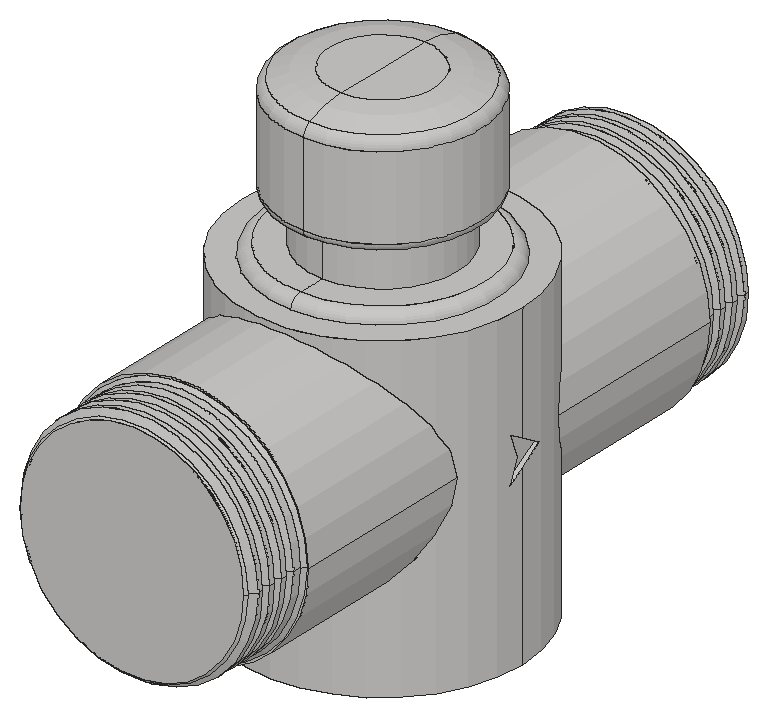
Revit family
Parameters
  WarrantyDurationUnit = "10 years"
  WarrantyDescription = "Any manufacturing defect"
  Version = "v1"
  SerialNumber = "3456330011075"
  ProductInformation = "http://www.delabie.com/products/760000"
  Operation = "Time flow valve"
  NominalHeight = 110 mm
  Name = "TEMPOCHASSE"
  ModelNumber = "760000"
  Material = Solid brass
  ManufacturerURL = "http://www.delabie.com"
  ManufacturerName = "DELABIE"
  IntegralAccessoryOptions = "Flush tube"
  Finish = Chrome-plated
  Features  = "Exposed time flow flush valve for direct flush:\r\nTime flow ~7 sec.\r\nVacuum breaker.\r\nChrome-plated solid brass body and push-button.\r\nShockproof mechanism.\r\nIn-line inlet M1 ¼\"."
  Description = "French manufacturer Delabie is a leader in the European sanitary ware market for non-domestic places. Water controls, solutions for disabled people, sanitary ware, for schools, leisure centres, offices, hospitals, airports…"
  URL = "http://www.delabie.com"
  Type Comments = "Exposed time flow valve for direct flush"
  Radius = 20.8 mm
  Model = "TEMPOCHASSE"
  Manufacturer = "DELABIE"
  Category = "WC valve"
  Assembly Code = ""
Reference planes
  plane 1 "Center (Front/Back)": y = 0
  plane 2: z = 0
  plane 3 "Center (Left/Right)": x = 0
Forms (mm)
  Sweep 1, solid, material "Laiton massif chromé"
    path origin (0, 0, 40.566) x (0, 1, 0) y (0, 0, 1)
      loop
        line (-54.725, 21.777) -> (55.275, 21.777)
    profile origin (0, 0.275, 62.343) x (0, 0, 1) y (1, 0, 0)
      loop
        circle (-21.777, 0) r 21.777
  Revolve 2, void
    sketch origin (0, 0, 40.566) x (1, 0, 0) y (0, 1, 0)
      loop
        line (-22.688, -43.345) -> (-22.688, -54.971) -> (-19.318, -54.971) -> (-19.889, -54.4) -> (-19.144, -54.019) -> (-20.75, -53.129) -> (-20.75, -52.279) -> (-19.144, -51.457) -> (-20.75, -50.567) -> (-20.75, -49.717) -> (-19.144, -48.895) -> (-20.75, -48.004) -> (-20.75, -47.155) -> (-19.144, -46.332) -> (-20.75, -45.442) -> (-20.75, -43.998) -> (-21.403, -43.345) -> (-22.688, -43.345)
      loop
        line (-22.688, 44.282) -> (-21.403, 44.282) -> (-20.75, 44.935) -> (-20.75, 46.38) -> (-19.144, 47.27) -> (-20.75, 48.092) -> (-20.75, 48.942) -> (-19.144, 49.832) -> (-20.75, 50.654) -> (-20.75, 51.504) -> (-19.144, 52.394) -> (-20.75, 53.217) -> (-20.75, 54.066) -> (-19.144, 54.957) -> (-19.144, 55.908) -> (-22.688, 55.908) -> (-22.688, 44.282)
      axis (0, 55.908) -> (0, -54.971)
    angle from 0 to 360
  Sweep 3, void
    path origin (0, 0, 40.566) x (0, 1, 0) y (0, 0, 1)
      loop
        line (55.275, 0) -> (-41.9, 0)
    profile origin (0, 6.688, 40.566) x (0, 0, -1) y (1, 0, 0)
      loop
        circle (0, 0) r 17.034
  Extrusion 4, solid, material "Laiton massif chromé"
    sketch origin (0, 0, 40.566) x (1, 0, 0) y (0, 1, 0)
      loop
        circle (0, 0) r 24.5
    from -33.184 to 22.706
  Revolve 5, solid, material "Laiton massif chromé"
    sketch origin (0, 0, 40.566) x (0, 1, 0) y (0, 0, 1)
      loop
        line (0, 22.706) -> (20.046, 22.706)
        arc (20.046, 22.706) -> (19.34, 24.003) -> (17.957, 24.521) r 2.112
        line (17.957, 24.521) -> (13.174, 24.521) -> (13.174, 32.446) -> (15.903, 32.446)
        arc (15.903, 32.446) -> (16.859, 32.842) -> (17.255, 33.799) r 1.352
        line (17.255, 33.799) -> (17.255, 48.321)
        arc (17.255, 48.321) -> (16.91, 49.487) -> (15.985, 50.277) r 2.141
        arc (15.985, 50.277) -> (12.646, 51.394) -> (9.156, 51.854) r 18.365
        line (9.156, 51.854) -> (0, 51.854) -> (0, 22.706)
      axis (0, 22.706) -> (0, 51.854)
    angle from 0 to 360
  Extrusion 6, solid
    sketch origin (0, 0, 40.566) x (1, 0, 0) y (0, 1, 0)
      loop
        circle (0, 0) r 5.897
    from -40.566 to -33.184
  Sweep 7, void
    path origin (0, 0, 40.566) x (1, 0, 0) y (0, 1, 0)
      loop
        line (23.5, 0) -> (28.097, 0)
    profile origin (25.798, 0, 40.566) x (0, 1, 0) y (0, 0, 1)
      loop
        line (-2.71, -3.948) -> (3.916, 0) -> (-2.71, 3.948) -> (-1.201, 0) -> (-2.71, -3.948)
  Sweep 8, void
    path origin (0, 0, 40.566) x (-1, 0, 0) y (0, -1, 0)
      loop
        line (23.5, 0) -> (28.097, 0)
    profile origin (-25.798, 0, 40.566) x (0, -1, 0) y (0, 0, 1)
      loop
        line (2.71, -3.948) -> (1.201, 0) -> (2.71, 3.948) -> (-3.916, 0) -> (2.71, -3.948)
Cuts and joins
  Revolve 2, Sweep 3 cuts Sweep 1
  Sweep 7, Sweep 8 cuts Extrusion 4
Connectors
  piping at (0, 55.275, 40.566), driven by "Radius"
    settings: on cut or joined group of Sweep 1, Revolve 2, Sweep 3, index 1, connector radius 20.8 mm, flow factor 0, pipe flow 1.5 L/s, pressure drop 0.0 Pa, fitting loss kfactor 0, connector angle 0.00°, fixture units 0, flow configuration 1, flow direction 1, fitting loss method 0, system type 20, connector reference index -1, connector utility 0, adjustable connector no, is connector primary yes, fitting loss table "", connector description "In - Cold water"
